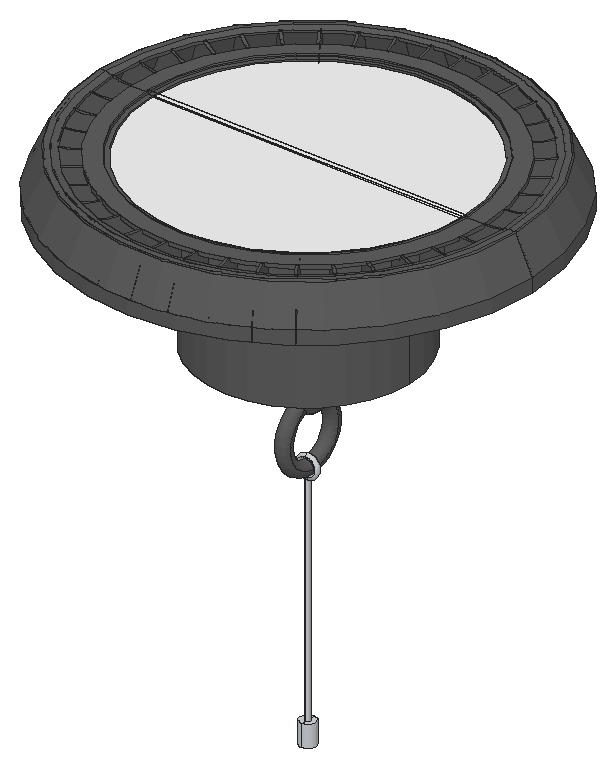
Revit family "0039363 Sylvania Lighting Fixture START HighBay IP65 DALI 19000lm 840 MB pendant", category Lighting Fixtures, host Face, Revit 2017
Family settings
  Host = Face
  Round Connector Dimension = Use Diameter
  Part Type = Normal
  OmniClass Number = 23.80.70.00
  OmniClass Title = Lighting
  Cut with Voids When Loaded = No
  Light Source = Yes
  Shared = No
  Room Calculation Point = No
Parameters (values of type "0039363 START HighBay IP65 DALI 19000lm 840 MB")
  WidthStraight_FEILO = if(SizeS_FEILO, 3 mm, if(SizeM_FEILO, 4 mm, 4.7 mm))  # 4 mm
  WidthRingChamfer_FEILO = if(SizeS_FEILO, 10.3 mm, if(SizeM_FEILO, 11.2 mm, 12.9 mm))  # 11.2 mm
  WidthCurved_FEILO = if(SizeS_FEILO, 17.4 mm, if(SizeM_FEILO, 16.4 mm, 26.2 mm))  # 16.4 mm
  WidthCurvedRing_FEILO = if(SizeS_FEILO, 3 mm, if(SizeM_FEILO, 4 mm, 4.7 mm))  # 4 mm
  WidthBracket_FEILO = 40 mm
  Weight = "3.4 kg"
  Wattage Comments = ""
  Wattage = 150 W
  WarrantyStartDate [instance] = "n/a"
  WarrantyGuarantorParts = "n/a"
  WarrantyDurationUnit = "n/a"
  WarrantyDurationParts = "n/a"
  WarrantyDescription = "n/a"
  built-in parameter 1150110 = 1 (stored number, unit not read)
  Voltage = 0 V
  VisibilityBracket_FEILO = no
  URL = "http://www.sylvania-lighting.com"
  TypeName = "START HighBay IP65 DALI 19000lm 840 MB"
  Type Image = <None>
  Type Comments = "n/a"
  built-in parameter 1114217 = 1 (stored number, unit not read)
  Tilt Angle = -90.00°
  ThicknessWall_FEILO = 1.5 mm
  ThicknessBracket_FEILO = 1.5 mm
  ThicknessBracketHalf_FEILO = ThicknessBracket_FEILO / 2  # 0.75 mm
  built-in parameter 1150109 = 1 (stored number, unit not read)
  built-in parameter 1150134 = 12
  SuspensionHeight_FEILO [instance] = 350 mm
  built-in parameter 1150113 = 1 (stored number, unit not read)
  SizeS_FEILO = no
  SizeM_FEILO = yes
  SerialNumber [instance] = "n/a"
  Rib4_FEILO = if(SizeS_FEILO, 18.1 mm, if(SizeM_FEILO, 13.6 mm, 14.6 mm))  # 13.6 mm
  Rib3_FEILO = if(SizeS_FEILO, 15.3 mm, if(SizeM_FEILO, 17.6 mm, 20.2 mm))  # 17.6 mm
  Rib2_FEILO = if(SizeS_FEILO, 3.6 mm, if(SizeM_FEILO, 3.9 mm, 4.5 mm))  # 3.9 mm
  Rib1_FEILO = if(SizeS_FEILO, 15.1 mm, if(SizeM_FEILO, 16.5 mm, 19 mm))  # 16.5 mm
  RadiusDiffuser_FEILO = if(SizeS_FEILO, 95.2 mm, if(SizeM_FEILO, 105.3 mm, 120 mm))  # 105.3 mm
  RadiusArrayPost_FEILO = DriverRadius_FEILO - 6 mm  # 61.2 mm
  RHRadius3_FEILO = if(SizeS_FEILO, 6.6 mm, if(SizeM_FEILO, 7.4 mm, 8.6 mm))  # 7.4 mm
  RHRadius2_FEILO = if(SizeS_FEILO, 11 mm, if(SizeM_FEILO, 12 mm, 14 mm))  # 12 mm
  RHRadius1_FEILO = if(SizeS_FEILO, 13.6 mm, if(SizeM_FEILO, 14.9 mm, 17.7 mm))  # 14.9 mm
  RHHeight4_FEILO = if(SizeS_FEILO, 7.3 mm, if(SizeM_FEILO, 8 mm, 9.2 mm))  # 8 mm
  RHHeight3_FEILO = if(SizeS_FEILO, 3.6 mm, if(SizeM_FEILO, 3.7 mm, 4.6 mm))  # 3.7 mm
  RHHeight2_FEILO = if(SizeS_FEILO, 2 mm, if(SizeM_FEILO, 2.2 mm, 2.6 mm))  # 2.2 mm
  RHHeight1_FEILO = if(SizeS_FEILO, 11.8 mm, if(SizeM_FEILO, 15.3 mm, 17.4 mm))  # 15.3 mm
  Photometric Web File = "0039363.ies"
  Material_3_FEILO = LED-Sylvania-StartHighbay-Glow
  PowerFactor = 0.95
  PowerConsumption = "150 W"
  NominalLength = 296 mm
  NominalHeight = 172 mm
  NominalDepth = 296 mm
  Name = "START HighBay IP65 DALI 19000lm 840 MB"
  ModelReference = Name  # "START HighBay IP65 DALI 19000lm 840 MB"
  ModelNumber = "0039363"
  Model = Name  # "START HighBay IP65 DALI 19000lm 840 MB"
  Material = "aluminium alloy housing, polycarbonate diffuser"
  ManufacturerName = "Feilo Sylvania"
  Manufacturer = "Feilo Sylvania"
  LuminousEfficacy = "130 lm/W"
  built-in parameter 1150105 = 1551.8 (stored number, unit not read)
  Lumens = 19500 lm
  LuminaireType = ""
  built-in parameter 1150115 = 1 (stored number, unit not read)
  LightOutputRatio = "n/a"
  built-in parameter 1150137 = (empty or 0)
  built-in parameter 1150139 = (empty or 0)
  LampsType = Lamp  # "LED"
  LampNominalLuminous = "19500 lm"
  LampMacAdamStep = "6"
  LampColourTemperature = "4000 K"
  LampColourRenderingIndex = "80"
  built-in parameter 1150112 = 1 (stored number, unit not read)
  built-in parameter 1150114 = 1 (stored number, unit not read)
  Lamp = "LED"
  Keynote = "16500"
  InstallationDate [instance] = "n/a"
  InputVoltage = "n/a"
  InputNominalFrequency = "50/60 Hz"
  built-in parameter 1150132 = (empty or 0)
  built-in parameter 1150102 = (empty or 0)
  built-in parameter 1150107 = 4000 (stored number, unit not read)
  built-in parameter 1150138 = (empty or 0)
  IngressProtection = "IP65"
  ImpactProtectionIndex = "IK08"
  built-in parameter 1150106 = 15.518 (stored number, unit not read)
  IfcExportType = "IfcLightFixtureType"
  IfcExportAs = "IfcLightFixtureType"
  HeightRing_FEILO = if(SizeS_FEILO, 19.8 mm, if(SizeM_FEILO, 32 mm, 36.8 mm))  # 32 mm
  HeightRingChamfer_FEILO = if(SizeS_FEILO, 11.7 mm, if(SizeM_FEILO, 23.2 mm, 26.6 mm))  # 23.2 mm
  EyeThickness_FEILO = if(SizeS_FEILO, 8.4 mm, if(SizeM_FEILO, 9.2 mm, 10.5 mm))  # 9.2 mm
  EyeThicknessHalf_FEILO = EyeThickness_FEILO / 2  # 4.6 mm
  EyeInner_FEILO = if(SizeS_FEILO, 13.8 mm, if(SizeM_FEILO, 15.1 mm, 17.3 mm))  # 15.1 mm
  ExpectedLife = 50000
  Emit from Circle Diameter = RadiusDiffuser_FEILO * 2  # 210.6 mm
  Emit Shape Visible in Rendering = no
  ElectricShockClassification = "Class I"
  built-in parameter 1150104 = 12.077 (stored number, unit not read)
  DurationUnit = "hours"
  DriverVerticalStraight_FEILO = if(SizeS_FEILO, 46.5 mm, if(SizeM_FEILO, 49.7 mm, 57 mm))  # 49.7 mm
  DriverVerticalChamfer_FEILO = if(SizeS_FEILO, 7.5 mm, if(SizeM_FEILO, 8.2 mm, 9.5 mm))  # 8.2 mm
  DriverRadius_FEILO = if(SizeS_FEILO, 61.4 mm, if(SizeM_FEILO, 67.2 mm, 76.4 mm))  # 67.2 mm
  DriverRadiusTop_FEILO = if(SizeS_FEILO, 42 mm, if(SizeM_FEILO, 45.3 mm, 52.4 mm))  # 45.3 mm
  DriverBottom_FEILO = if(SizeS_FEILO, 56 mm, if(SizeM_FEILO, 64.5 mm, 74 mm))  # 64.5 mm
  DocumentationLiterature = "http://www.sylvania-lighting.com/product/en-int/products/0039363"
  DimmingControlOptions = "Dimmable"
  Material_2_FEILO = Diffuser-Sylvania-StartHighbay-Transparent
  Radius_FEILO = if(SizeS_FEILO, 135 mm, if(SizeM_FEILO, 148 mm, 169.5 mm))  # 148 mm
  Dimming Lamp Color Temperature Shift = <None>
  DiameterWire_FEILO = 3 mm
  DiameterWireSupport_FEILO = 10 mm
  Description = "START Highbay, includes 1 m cables, black aluminium housing, 19,500 Lm, 150 W, 130 Lm/W, 4000 K, drive current: 3300 mA, CRI 80, 60° beam angle, DALI dimmable, IP65, IK08, 50,000 hrs (L80/B50), (D x H) 296 x 172 mm."
  Default Elevation = 1219.2 mm
  CreatedOn = "5/15/2018"
  CreatedBy = ""
  Cost = 0
  Color Filter = 16777215
  built-in parameter 1114216 [instance] = (empty or 0)
  ClassificationValue = "EF_70_80"
  ClassificationName = "Uniclass2015"
  Material_1_FEILO = Body-Sylvania-StartHighbay-Black
  BarCode [instance] = "n/a"
  built-in parameter 1114218 = 1 (stored number, unit not read)
  built-in parameter 1150133 = 10 (stored number, unit not read)
  AssetType = "Fixed"
  AssetIdentifier [instance] = "n/a"
  Assembly Code = "D5020200"
  Apparent Load = 150 VA
  Material_4_FEILO = none
Reference planes
  plane 1 "Center (Front/Back)": y = 0
  plane 2: z = 0
  plane 3 "Center (Left/Right)": x = 0
  plane 4: z = 350
  plane 5: x = -148
  plane 6: x = -136.8
  plane 7: z = 326.8
  plane 8: z = 318
  plane 9: x = -132.8
  plane 10: z = 347.375
  plane 11: x = -116.4
  plane 12: x = -105.3
  plane 13: x = -128.8
  plane 14: z = 348.375
  plane 15: z = 346.375
  plane 16: x = -102.3
  plane 17: z = 345.375
  plane 18: x = -146.5
  plane 19: x = -131.5
  plane 20: z = 314.1
  plane 21: x = -113.9
  plane 22: z = 300.5
  plane 23: x = -20
  plane 24: z = 285.5
  plane 25: x = -67.2
  plane 26: z = 235.8
  plane 27: x = -45.3
  plane 28: z = 227.6
  plane 29: x = -14.9
  plane 30: z = 212.3
  plane 31: z = 210.1
  plane 32: x = -12
  plane 33: z = 206.4
  plane 34: z = 198.4
  plane 35: x = -7.4
  plane 36: z = 183.3
  plane 37: z = 168.2
  plane 38: x = 4.6
  plane 39: x = -4.6
  plane 40: z = 159
  plane 41: z = 163.6
  plane 42: x = -141.65
  plane 43: x = -145.5
  plane 44: z = 316.5
  plane 45: x = -135.3
  plane 46: z = 260.65
  plane 47: y = -20
  plane 48: y = 20
  plane 49: x = 148
  plane 50: x = 136.8
  plane 51: x = 146.5
  plane 52: x = 141.65
  plane 53: x = 145.5
  plane 54: x = 135.3
  plane 55: z = 171.2
  plane 56: y = 1.5
  plane 57: y = -1.5
  plane 58: z = 169.7
  plane 59: z = 157.5
  plane 60: z = 156
  plane 61: y = -5
  plane 62: y = 5
  plane 63: z = 14
Forms (mm)
  Revolve 1, solid, material "Body-Sylvania-StartHighbay-Black" <- "Material_1_FEILO", detail levels medium+fine
    sketch origin (0, 0, 0) x (1, 0, 0) y (0, 0, 1)
      loop
        line (-148, 318) -> (-146.5, 318) -> (-146.5, 326.457) -> (-136.402, 347.375) -> (-128.8, 347.375) -> (-128.8, 348.859)
        arc (-128.8, 348.859) -> (-130.811, 349.39) -> (-132.8, 350) r 52.543
        line (-132.8, 350) -> (-136.341, 350)
        arc (-136.341, 350) -> (-136.831, 349.825) -> (-137.099, 349.38) r 0.774
        line (-137.099, 349.38) -> (-148, 326.8) -> (-148, 318)
      axis (0, 350) -> (0, 318)
    angle from 360 to 0
  Revolve 2, solid, material "Body-Sylvania-StartHighbay-Black" <- "Material_1_FEILO", detail levels medium+fine
    sketch origin (0, 0, 0) x (1, 0, 0) y (0, 0, 1)
      loop
        line (-116.4, 345.375) -> (-105.3, 345.375) -> (-105.3, 326.8) -> (0, 326.8) -> (0, 345.375) -> (-102.3, 345.375) -> (-102.3, 346.375) -> (-105.3, 346.375) -> (-105.3, 347.375) -> (-116.4, 347.375) -> (-116.4, 345.375)
      axis (0, 347.375) -> (0, 326.8)
    angle from 360 to 0
  Revolve 3, solid, material "Diffuser-Sylvania-StartHighbay-Transparent" <- "Material_2_FEILO", detail levels medium+fine
    sketch origin (0, 0, 0) x (1, 0, 0) y (0, 0, 1)
      loop
        line (-105.3, 346.375) -> (0, 346.375) -> (0, 348.375) -> (-105.3, 348.375) -> (-105.3, 346.375)
      axis (0, 348.375) -> (0, 346.375)
    angle from 360 to 0
  Revolve 4, solid, material "Body-Sylvania-StartHighbay-Black" <- "Material_1_FEILO"
    sketch origin (0, 0, 0) x (1, 0, 0) y (0, 0, 1)
      loop
        line (-67.2, 300.5) -> (-67.2, 235.8) -> (-45.3, 227.6) -> (-14.9, 227.6) -> (-14.9, 212.3) -> (-12, 210.1) -> (-12, 206.4) -> (-7.837, 199.126)
        arc (-7.837, 199.126) -> (-7.29, 198.594) -> (-6.553, 198.4) r 1.5
        line (-6.553, 198.4) -> (0, 198.4) -> (0, 300.5) -> (-67.2, 300.5)
      axis (0, 300.5) -> (0, 198.4)
    angle from 360 to 0
  Revolve 5, solid, material "Body-Sylvania-StartHighbay-Black" <- "Material_1_FEILO"
    sketch origin (0, 0, 0) x (1, 0, 0) y (0, 0, 1)
      loop
        circle (0, 163.6) r 4.6
      axis (4.6, 183.3) -> (-4.6, 183.3)
    angle from 360 to 0
  Extrusion 6, solid, material "Body-Sylvania-StartHighbay-Black" <- "Material_1_FEILO", visible <- "VisibilityBracket_FEILO"
    sketch origin (0, 0, 0) x (1, 0, 0) y (0, 0, 1)
      loop
        line (-145.5, 318) -> (-145.5, 316.5) -> (-137.55, 316.5)
        arc (-137.55, 316.5) -> (-137.02, 316.28) -> (-136.8, 315.75) r 0.75
        line (-136.8, 315.75) -> (-136.8, 260.65) -> (-135.3, 260.65) -> (-135.3, 316.5)
        arc (-135.3, 316.5) -> (-135.739, 317.561) -> (-136.8, 318) r 1.5
        line (-136.8, 318) -> (-145.5, 318)
      loop
        line (145.5, 318) -> (136.8, 318)
        arc (136.8, 318) -> (135.739, 317.561) -> (135.3, 316.5) r 1.5
        line (135.3, 316.5) -> (135.3, 260.65) -> (136.8, 260.65) -> (136.8, 315.75)
        arc (136.8, 315.75) -> (137.02, 316.28) -> (137.55, 316.5) r 0.75
        line (137.55, 316.5) -> (145.5, 316.5) -> (145.5, 318)
    from -20 to 20
  Extrusion 7, void
    sketch origin (0, 0, 0) x (0, 1, 0) y (0, 0, 1)
      loop
        arc (-10, 260.65) -> (-17.071, 263.579) -> (-20, 270.65) r 10
        line (-20, 270.65) -> (-25, 270.65) -> (-25, 255.65) -> (-10, 255.65) -> (-10, 260.65)
      loop
        line (10, 260.65) -> (10, 255.65) -> (25, 255.65) -> (25, 270.65) -> (20, 270.65)
        arc (20, 270.65) -> (17.071, 263.579) -> (10, 260.65) r 10
    from -136.8 to 136.8
  Revolve 8, solid, material "Body-Sylvania-StartHighbay-Black" <- "Material_1_FEILO", detail levels coarse
    sketch origin (0, 0, 0) x (1, 0, 0) y (0, 0, 1)
      loop
        line (0, 350) -> (-136.8, 350) -> (-148, 326.8) -> (-148, 318) -> (-131.5, 318) -> (-131.5, 314.1) -> (-113.9, 300.5) -> (0, 300.5) -> (0, 350)
      axis (0, 350) -> (0, 300.5)
    angle from 360 to 0
  Revolve 9, solid
    sketch origin (0, 0, 0) x (0, 1, 0) y (0, 0, 1)
      loop
        circle (0, 169.7) r 1.5
      axis (1.5, 163.6) -> (-1.5, 163.6)
    angle from 360 to 0
  Revolve 10, solid
    sketch origin (0, 0, 0) x (0, 1, 0) y (0, 0, 1)
      loop
        line (0, 0) -> (0, 157.5) -> (-1.5, 157.5) -> (-1.5, 14) -> (-5, 14) -> (-5, 0) -> (0, 0)
      axis (0, 0) -> (0, 157.5)
    angle from 360 to 0
Cuts and joins
  Extrusion 7 cuts Extrusion 6
Lines and regions (mm)
  reference lines
    curve 1: line (-148, 0, 326.8) -> (-136.8, 0, 350)
    curve 2: line (-116.4, 0, 347.375) -> (0, 0, 347.375)
    curve 3: arc (-116.4, 0, 347.375) -> (-124.704, 0, 348.035) -> (-132.8, 0, 350) r 52.543
    curve 4: line (-136.8, 0, 350) -> (-132.8, 0, 350)
    curve 5: line (-136.402, 0, 347.375) -> (-146.5, 0, 326.457)
    curve 6: line (-131.5, 0, 314.1) -> (-113.9, 0, 300.5)
    curve 7: line (-12, 0, 206.4) -> (-7.4, 0, 198.4)
    curve 8: circle (0, 0, 163.6) r 4.6 normal (0, -1, 0)
Dimensions and locks
  "Radius_FEILO": plane 3 "Center (Left/Right)" to plane 5
  "WidthRingChamfer_FEILO": plane 6 to plane 5
  "WidthStraight_FEILO": plane 9 to plane 6
  "WidthCurvedRing_FEILO": plane 13 to plane 9
  locked: plane 10 to plane 15 at 1
  locked: plane 14 to plane 10 at 1
  locked: plane 4 to plane 10 at 2.625
  locked: plane 15 to plane 17 at 1
  "ThicknessWall_FEILO": plane 18 to plane 5
  "ThicknessWall_FEILO": curve 5 to curve 1
  "HeightRingChamfer_FEILO": plane 4 to plane 7
  "HeightRing_FEILO": plane 4 to plane 8
  "RadiusDiffuser_FEILO": plane 3 "Center (Left/Right)" to plane 12
  locked: plane 16 to plane 12 at 3
  "WidthCurved_FEILO": plane 11 to plane 9
  "SuspensionHeight_FEILO": plane 4 to plane 2
  "Rib1_FEILO": plane 19 to plane 5
  "Rib2_FEILO": plane 8 to plane 20
  "Rib3_FEILO": plane 21 to plane 19
  "Rib4_FEILO": plane 20 to plane 22
  locked: plane 3 "Center (Left/Right)" to plane 23 at 20
  "DriverBottom_FEILO": plane 4 to plane 24
  "DriverRadius_FEILO": plane 3 "Center (Left/Right)" to plane 25
  "DriverVerticalStraight_FEILO": plane 24 to plane 26
  "DriverRadiusTop_FEILO": plane 3 "Center (Left/Right)" to plane 27
  "DriverVerticalChamfer_FEILO": plane 26 to plane 28
  "RHRadius1_FEILO": plane 3 "Center (Left/Right)" to plane 29
  "RHHeight2_FEILO": plane 30 to plane 31
  "RHRadius2_FEILO": plane 3 "Center (Left/Right)" to plane 32
  "RHHeight3_FEILO": plane 31 to plane 33
  "RHHeight4_FEILO": plane 33 to plane 34
  "RHRadius3_FEILO": plane 3 "Center (Left/Right)" to plane 35
  "RHHeight1_FEILO": plane 28 to plane 30
  "EyeInner_FEILO": plane 34 to plane 36
  "EyeInner_FEILO": plane 36 to plane 37
  equal spacing: plane 38, plane 3 "Center (Left/Right)", plane 39
  "EyeThickness_FEILO": plane 38 to plane 39
  "EyeThickness_FEILO": plane 37 to plane 40
  equal spacing: plane 37, plane 41, plane 40
  equal spacing: plane 6, plane 42, plane 18
  "ThicknessBracket_FEILO": plane 45 to plane 6
  "ThicknessBracket_FEILO": plane 8 to plane 44
  locked: plane 43 to plane 18 at 1
  equal spacing: plane 24, plane 46, plane 26
  equal spacing: plane 47, plane 1 "Center (Front/Back)", plane 48
  "WidthBracket_FEILO": plane 47 to plane 48
  "WidthRingChamfer_FEILO": plane 50 to plane 49
  "ThicknessWall_FEILO": plane 51 to plane 49
  equal spacing: plane 50, plane 52, plane 51
  "ThicknessBracket_FEILO": plane 54 to plane 50
  locked: plane 53 to plane 51 at 1
  "Radius_FEILO": plane 49 to plane 3 "Center (Left/Right)"
  equal spacing: plane 57, imposter light, plane 56
  "DiameterWire_FEILO": plane 57 to plane 56
  "DiameterWire_FEILO": plane 37 to plane 55
  equal spacing: plane 37, plane 58, plane 55
  "DiameterWire_FEILO": plane 60 to plane 40
  equal spacing: plane 60, plane 59, plane 40
  equal spacing: plane 61, plane 1 "Center (Front/Back)", plane 62
  "DiameterWireSupport_FEILO": plane 61 to plane 62
  locked: plane 63 to plane 2 at 14
  "EyeThicknessHalf_FEILO": radius of curve 8
  "ThicknessBracket_FEILO": radius of Extrusion 6 sketch curve  (x2)
  "ThicknessBracketHalf_FEILO": radius of Extrusion 6 sketch curve  (x2)
  "DiameterWire_FEILO": diameter of Revolve 9 sketch curve
  aligned and locked: plane 2 to host face
  aligned and locked: level to host face
  aligned and locked: plane 5 to curve 1
  aligned and locked: plane 6 to curve 1
  aligned and locked: plane 7 to curve 1
  aligned and locked: plane 10 to curve 2
  aligned and locked: plane 9 to curve 3
  aligned and locked: plane 4 to curve 3
  aligned and locked: plane 11 to curve 3
  aligned and locked: plane 4 to curve 4
  aligned and locked: plane 18 to curve 5
  aligned and locked: plane 10 to curve 5
  aligned and locked: Revolve 1 sketch curve to plane 3 "Center (Left/Right)"
  aligned and locked: Revolve 1 sketch curve to curve 3
  aligned and locked: Revolve 1 sketch curve to curve 1
  aligned and locked: plane 4 to Revolve 1 sketch curve
  aligned and locked: plane 9 to Revolve 1 sketch curve
  aligned and locked: Revolve 1 sketch curve to plane 13
  aligned and locked: Revolve 1 sketch curve to plane 10
  aligned and locked: plane 13 to Revolve 1 sketch curve
  aligned and locked: plane 10 to Revolve 1 sketch curve
  aligned and locked: Revolve 1 sketch curve to plane 18
  aligned and locked: Revolve 1 sketch curve to plane 8
  aligned and locked: plane 5 to Revolve 1 sketch curve  (x2)
  aligned and locked: Revolve 2 sketch curve to plane 3 "Center (Left/Right)"
  aligned and locked: plane 11 to Revolve 2 sketch curve
  aligned and locked: Revolve 2 sketch curve to curve 2
  aligned and locked: plane 15 to Revolve 2 sketch curve
  aligned and locked: Revolve 2 sketch curve to plane 16
  aligned and locked: plane 17 to Revolve 2 sketch curve  (x2)
  aligned and locked: Revolve 2 sketch curve to plane 12
  aligned and locked: plane 7 to Revolve 2 sketch curve
  aligned and locked: Revolve 3 sketch curve to plane 3 "Center (Left/Right)"
  aligned and locked: Revolve 3 sketch curve to plane 14
  aligned and locked: plane 3 "Center (Left/Right)" to Revolve 3 sketch curve
  aligned and locked: Revolve 3 sketch curve to plane 12
  aligned and locked: plane 15 to Revolve 3 sketch curve
  aligned and locked: Revolve 1 sketch curve to curve 5
  aligned and locked: plane 22 to curve 6
  aligned and locked: plane 21 to curve 6
  aligned and locked: plane 20 to curve 6
  aligned and locked: plane 19 to curve 6
  aligned and locked: plane 33 to curve 7
  aligned and locked: plane 32 to curve 7
  aligned and locked: plane 35 to curve 7
  aligned and locked: plane 34 to curve 7
  aligned and locked: Revolve 4 sketch curve to plane 3 "Center (Left/Right)"
  aligned and locked: Revolve 4 sketch curve to plane 25
  aligned and locked: plane 27 to Revolve 4 sketch curve
  aligned and locked: plane 28 to Revolve 4 sketch curve
  aligned and locked: plane 30 to Revolve 4 sketch curve
  aligned and locked: Revolve 4 sketch curve to plane 29
  aligned and locked: plane 31 to Revolve 4 sketch curve
  aligned and locked: Revolve 4 sketch curve to curve 7
  aligned and locked: Revolve 4 sketch curve to plane 32
  aligned and locked: plane 34 to Revolve 4 sketch curve
  aligned and locked: plane 3 "Center (Left/Right)" to Revolve 4 sketch curve
  aligned and locked: plane 3 "Center (Left/Right)" to curve 8
  aligned and locked: plane 41 to curve 8
  aligned and locked: Revolve 5 sketch curve to plane 36
  aligned and locked: Revolve 5 sketch curve to curve 8
  aligned and locked: plane 43 to Extrusion 6 sketch curve  (x2)
  aligned and locked: plane 8 to Extrusion 6 sketch curve  (x3)
  aligned and locked: Extrusion 6 sketch curve to plane 45
  aligned and locked: Extrusion 6 sketch curve to plane 46  (x2)
  aligned and locked: plane 6 to Extrusion 6 sketch curve
  aligned and locked: Extrusion 6 sketch curve to plane 44  (x2)
  aligned and locked: Extrusion 6 to plane 48
  aligned and locked: plane 47 to Extrusion 6
  aligned and locked: plane 53 to Extrusion 6 sketch curve
  aligned and locked: plane 50 to Extrusion 6 sketch curve
  aligned and locked: Extrusion 6 sketch curve to plane 54
  aligned and locked: Extrusion 7 sketch curve to Extrusion 7 sketch curve
  aligned and locked: Extrusion 7 to plane 6
  aligned and locked: Extrusion 7 to Extrusion 6
  aligned and locked: Revolve 4 sketch curve to plane 22
  aligned and locked: plane 23 to nested 1
  aligned and locked: plane 1 "Center (Front/Back)" to nested 1
  aligned and locked: Revolve 8 sketch curve to plane 3 "Center (Left/Right)"
  aligned and locked: Revolve 8 sketch curve to plane 4
  aligned and locked: plane 6 to Revolve 8 sketch curve
  aligned and locked: plane 4 to Revolve 8 sketch curve
  aligned and locked: plane 7 to Revolve 8 sketch curve
  aligned and locked: Revolve 8 sketch curve to plane 5
  aligned and locked: plane 8 to Revolve 8 sketch curve  (x2)
  aligned and locked: Revolve 8 sketch curve to plane 19
  aligned and locked: plane 20 to Revolve 8 sketch curve
  aligned and locked: plane 19 to Revolve 8 sketch curve
  aligned and locked: plane 21 to Revolve 8 sketch curve
  aligned and locked: plane 22 to Revolve 8 sketch curve  (x2)
  aligned and locked: Revolve 8 sketch curve to Revolve 8 sketch curve
  aligned and locked: imposter light to plane 4
  aligned and locked: plane 3 "Center (Left/Right)" to imposter light
  aligned and locked: imposter light to plane 1 "Center (Front/Back)"
  aligned and locked: Revolve 9 sketch curve to plane 41
  aligned and locked: Revolve 10 sketch curve to plane 1 "Center (Front/Back)"
  aligned and locked: plane 1 "Center (Front/Back)" to Revolve 10 sketch curve  (x2)
  aligned and locked: host face to Revolve 10 sketch curve
  aligned and locked: plane 63 to Revolve 10 sketch curve
  aligned and locked: Revolve 10 sketch curve to plane 61
  aligned and locked: Revolve 10 sketch curve to plane 57
  aligned and locked: plane 59 to Revolve 10 sketch curve
Automatic sketch dimensions
  host sketch curve to host sketch curve = 2438.4 mm  (x2)
  curve 2 to plane 3 "Center (Left/Right)" = 0 mm
  Revolve 1 sketch curve to plane 6 = 0.299 mm
  plane 6 to Revolve 1 sketch curve = 0.459 mm
  Revolve 1 sketch curve to level = 609.6 mm
  Revolve 1 sketch curve to Revolve 1 sketch curve = 2312.223 mm
  Revolve 2 sketch curve to plane 12 = 0 mm
  Revolve 2 sketch curve to plane 3 "Center (Left/Right)" = 0 mm
  Revolve 2 sketch curve to level = 609.6 mm
  Revolve 2 sketch curve to plane 4 = 2339.058 mm
  Revolve 3 sketch curve to level = 609.6 mm
  Revolve 3 sketch curve to plane 4 = 2339.058 mm
  Revolve 5 sketch curve to plane 5 = 1080 mm
  plane 38 to Revolve 5 sketch curve = 1219.2 mm
  Extrusion 7 sketch curve to plane 47 = 0 mm
  plane 46 to Extrusion 7 sketch curve = 0 mm  (x2)
  Extrusion 7 sketch curve to plane 48 = 0 mm
  plane 47 to Extrusion 7 sketch curve = 5 mm
  plane 1 "Center (Front/Back)" to Extrusion 7 sketch curve = 10 mm
  Extrusion 7 sketch curve to Extrusion 7 sketch curve = 10 mm
  plane 46 to Extrusion 7 sketch curve = 5 mm
  Extrusion 7 sketch curve to Extrusion 7 sketch curve = 5 mm
  Extrusion 7 sketch curve to plane 48 = 5 mm
  Revolve 4 sketch curve to plane 26 = 0 mm
  Revolve 4 sketch curve to plane 35 = 0.437 mm
  plane 35 to Revolve 4 sketch curve = 0.847 mm
  Revolve 4 sketch curve to plane 34 = 0.726 mm
  plane 40 to Revolve 4 sketch curve = 590.2 mm
  Revolve 4 sketch curve to plane 4 = 2339.058 mm
  Revolve 8 sketch curve to level = 609.6 mm
  Revolve 8 sketch curve to Revolve 8 sketch curve = 2386.058 mm
  Revolve 9 sketch curve to plane 1 "Center (Front/Back)" = 0 mm
  plane 58 to Revolve 9 sketch curve = 0 mm
  plane 47 to Revolve 9 sketch curve = 2534.941 mm
  Revolve 9 sketch curve to plane 48 = 2077.409 mm
  Revolve 10 sketch curve to Revolve 10 sketch curve = 609.6 mm
  Revolve 10 sketch curve to plane 4 = 2123.807 mm
Nested families
  nested 1: "Start Highbay Rib" at (0, 0, 347.375), type "Type Name", detail levels medium+fine
    with SuspensionHeight_FEILO 2.6 mm
  nested 2: "Start Highbay Rib" at (0, 0, 347.375) x (0.9877, 0.1564, 0) z (0, 0, 1), type "Type Name", detail levels medium+fine
    with SuspensionHeight_FEILO 2.6 mm
  nested 3: "Start Highbay Rib" at (0, 0, 347.375) x (0.9511, 0.309, 0) z (0, 0, 1), type "Type Name", detail levels medium+fine
    with SuspensionHeight_FEILO 2.6 mm
  nested 4: "Start Highbay Rib" at (0, 0, 347.375) x (0.891, 0.454, 0) z (0, 0, 1), type "Type Name", detail levels medium+fine
    with SuspensionHeight_FEILO 2.6 mm
  nested 5: "Start Highbay Rib" at (0, 0, 347.375) x (0.809, 0.5878, 0) z (0, 0, 1), type "Type Name", detail levels medium+fine
    with SuspensionHeight_FEILO 2.6 mm
  nested 6: "Start Highbay Rib" at (0, 0, 347.375) x (0.7071, 0.7071, 0) z (0, 0, 1), type "Type Name", detail levels medium+fine
    with SuspensionHeight_FEILO 2.6 mm
  nested 7: "Start Highbay Rib" at (0, 0, 347.375) x (0.5878, 0.809, 0) z (0, 0, 1), type "Type Name", detail levels medium+fine
    with SuspensionHeight_FEILO 2.6 mm
  nested 8: "Start Highbay Rib" at (0, 0, 347.375) x (0.454, 0.891, 0) z (0, 0, 1), type "Type Name", detail levels medium+fine
    with SuspensionHeight_FEILO 2.6 mm
  nested 9: "Start Highbay Rib" at (0, 0, 347.375) x (0.309, 0.9511, 0) z (0, 0, 1), type "Type Name", detail levels medium+fine
    with SuspensionHeight_FEILO 2.6 mm
  nested 10: "Start Highbay Rib" at (0, 0, 347.375) x (0.1564, 0.9877, 0) z (0, 0, 1), type "Type Name", detail levels medium+fine
    with SuspensionHeight_FEILO 2.6 mm
  nested 11: "Start Highbay Rib" at (0, 0, 347.375) x (0, 1, 0) z (0, 0, 1), type "Type Name", detail levels medium+fine
    with SuspensionHeight_FEILO 2.6 mm
  nested 12: "Start Highbay Rib" at (0, 0, 347.375) x (-0.1564, 0.9877, 0) z (0, 0, 1), type "Type Name", detail levels medium+fine
    with SuspensionHeight_FEILO 2.6 mm
  nested 13: "Start Highbay Rib" at (0, 0, 347.375) x (-0.309, 0.9511, 0) z (0, 0, 1), type "Type Name", detail levels medium+fine
    with SuspensionHeight_FEILO 2.6 mm
  nested 14: "Start Highbay Rib" at (0, 0, 347.375) x (-0.454, 0.891, 0) z (0, 0, 1), type "Type Name", detail levels medium+fine
    with SuspensionHeight_FEILO 2.6 mm
  nested 15: "Start Highbay Rib" at (0, 0, 347.375) x (-0.5878, 0.809, 0) z (0, 0, 1), type "Type Name", detail levels medium+fine
    with SuspensionHeight_FEILO 2.6 mm
  nested 16: "Start Highbay Rib" at (0, 0, 347.375) x (-0.7071, 0.7071, 0) z (0, 0, 1), type "Type Name", detail levels medium+fine
    with SuspensionHeight_FEILO 2.6 mm
  nested 17: "Start Highbay Rib" at (0, 0, 347.375) x (-0.809, 0.5878, 0) z (0, 0, 1), type "Type Name", detail levels medium+fine
    with SuspensionHeight_FEILO 2.6 mm
  nested 18: "Start Highbay Rib" at (0, 0, 347.375) x (-0.891, 0.454, 0) z (0, 0, 1), type "Type Name", detail levels medium+fine
    with SuspensionHeight_FEILO 2.6 mm
  nested 19: "Start Highbay Rib" at (0, 0, 347.375) x (-0.9511, 0.309, 0) z (0, 0, 1), type "Type Name", detail levels medium+fine
    with SuspensionHeight_FEILO 2.6 mm
  nested 20: "Start Highbay Rib" at (0, 0, 347.375) x (-0.9877, 0.1564, 0) z (0, 0, 1), type "Type Name", detail levels medium+fine
    with SuspensionHeight_FEILO 2.6 mm
  nested 21: "Start Highbay Rib" at (0, 0, 347.375) x (-1, 0, 0) z (0, 0, 1), type "Type Name", detail levels medium+fine
    with SuspensionHeight_FEILO 2.6 mm
  nested 22: "Start Highbay Rib" at (0, 0, 347.375) x (-0.9877, -0.1564, 0) z (0, 0, 1), type "Type Name", detail levels medium+fine
    with SuspensionHeight_FEILO 2.6 mm
  nested 23: "Start Highbay Rib" at (0, 0, 347.375) x (-0.9511, -0.309, 0) z (0, 0, 1), type "Type Name", detail levels medium+fine
    with SuspensionHeight_FEILO 2.6 mm
  nested 24: "Start Highbay Rib" at (0, 0, 347.375) x (-0.891, -0.454, 0) z (0, 0, 1), type "Type Name", detail levels medium+fine
    with SuspensionHeight_FEILO 2.6 mm
  nested 25: "Start Highbay Rib" at (0, 0, 347.375) x (-0.809, -0.5878, 0) z (0, 0, 1), type "Type Name", detail levels medium+fine
    with SuspensionHeight_FEILO 2.6 mm
  nested 26: "Start Highbay Rib" at (0, 0, 347.375) x (-0.7071, -0.7071, 0) z (0, 0, 1), type "Type Name", detail levels medium+fine
    with SuspensionHeight_FEILO 2.6 mm
  nested 27: "Start Highbay Rib" at (0, 0, 347.375) x (-0.5878, -0.809, 0) z (0, 0, 1), type "Type Name", detail levels medium+fine
    with SuspensionHeight_FEILO 2.6 mm
  nested 28: "Start Highbay Rib" at (0, 0, 347.375) x (-0.454, -0.891, 0) z (0, 0, 1), type "Type Name", detail levels medium+fine
    with SuspensionHeight_FEILO 2.6 mm
  nested 29: "Start Highbay Rib" at (0, 0, 347.375) x (-0.309, -0.9511, 0) z (0, 0, 1), type "Type Name", detail levels medium+fine
    with SuspensionHeight_FEILO 2.6 mm
  nested 30: "Start Highbay Rib" at (0, 0, 347.375) x (-0.1564, -0.9877, 0) z (0, 0, 1), type "Type Name", detail levels medium+fine
    with SuspensionHeight_FEILO 2.6 mm
  nested 31: "Start Highbay Rib" at (0, 0, 347.375) x (0, -1, 0) z (0, 0, 1), type "Type Name", detail levels medium+fine
    with SuspensionHeight_FEILO 2.6 mm
  nested 32: "Start Highbay Rib" at (0, 0, 347.375) x (0.1564, -0.9877, 0) z (0, 0, 1), type "Type Name", detail levels medium+fine
    with SuspensionHeight_FEILO 2.6 mm
  nested 33: "Start Highbay Rib" at (0, 0, 347.375) x (0.309, -0.9511, 0) z (0, 0, 1), type "Type Name", detail levels medium+fine
    with SuspensionHeight_FEILO 2.6 mm
  nested 34: "Start Highbay Rib" at (0, 0, 347.375) x (0.454, -0.891, 0) z (0, 0, 1), type "Type Name", detail levels medium+fine
    with SuspensionHeight_FEILO 2.6 mm
  nested 35: "Start Highbay Rib" at (0, 0, 347.375) x (0.5878, -0.809, 0) z (0, 0, 1), type "Type Name", detail levels medium+fine
    with SuspensionHeight_FEILO 2.6 mm
  nested 36: "Start Highbay Rib" at (0, 0, 347.375) x (0.7071, -0.7071, 0) z (0, 0, 1), type "Type Name", detail levels medium+fine
    with SuspensionHeight_FEILO 2.6 mm
  nested 37: "Start Highbay Rib" at (0, 0, 347.375) x (0.809, -0.5878, 0) z (0, 0, 1), type "Type Name", detail levels medium+fine
    with SuspensionHeight_FEILO 2.6 mm
  nested 38: "Start Highbay Rib" at (0, 0, 347.375) x (0.891, -0.454, 0) z (0, 0, 1), type "Type Name", detail levels medium+fine
    with SuspensionHeight_FEILO 2.6 mm
  nested 39: "Start Highbay Rib" at (0, 0, 347.375) x (0.9511, -0.309, 0) z (0, 0, 1), type "Type Name", detail levels medium+fine
    with SuspensionHeight_FEILO 2.6 mm
  nested 40: "Start Highbay Rib" at (0, 0, 347.375) x (0.9877, -0.1564, 0) z (0, 0, 1), type "Type Name", detail levels medium+fine
    with SuspensionHeight_FEILO 2.6 mm
Connectors
  electrical at (0, 0, 0), driven by "Apparent Load", driven by "PowerFactor", driven by "Voltage"
    settings: index 1, voltage 0 V, apparent load 150 VA, apparent load phase1 0 VA, apparent load phase2 0 VA, apparent load phase3 0 VA, power factor 0.95, load classification "Lighting", number of poles 1, system type 30, power factor state 1, is connector primary yes, connector utility no, sub classification motor no, connector description ""
Definition of nested family "Start Highbay Rib"
  Parameters (values of type "Type Name")
    WidthStraight_FEILO = if(SizeS_FEILO, 3 mm, if(SizeM_FEILO, 4 mm, 4.7 mm))  # 3 mm
    WidthRingChamfer_FEILO = if(SizeS_FEILO, 10.3 mm, if(SizeM_FEILO, 11.2 mm, 12.9 mm))  # 10.3 mm
    WidthCurved_FEILO = if(SizeS_FEILO, 17.4 mm, if(SizeM_FEILO, 16.4 mm, 26.2 mm))  # 17.4 mm
    WidthCurvedRing_FEILO = if(SizeS_FEILO, 3 mm, if(SizeM_FEILO, 4 mm, 4.7 mm))  # 3 mm
    WidthBracket_FEILO = 40 mm
    URL = "http://www.feilosylvania.com"
    Type Image = (empty or 0)
    Type Comments = "n/a"
    ThicknessWall_FEILO = 1.5 mm
    ThicknessBracket_FEILO = 1.5 mm
    ThicknessBracketHalf_FEILO = ThicknessBracket_FEILO / 2  # 0.75 mm
    SuspensionHeight_FEILO [instance] = 2.6 mm
    SizeS_FEILO = yes
    SizeM_FEILO = no
    Rib4_FEILO = if(SizeS_FEILO, 18.1 mm, if(SizeM_FEILO, 13.6 mm, 14.6 mm))  # 18.1 mm
    Rib3_FEILO = if(SizeS_FEILO, 15.3 mm, if(SizeM_FEILO, 17.6 mm, 20.2 mm))  # 15.3 mm
    Rib2_FEILO = if(SizeS_FEILO, 3.6 mm, if(SizeM_FEILO, 3.9 mm, 4.5 mm))  # 3.6 mm
    Rib1_FEILO = if(SizeS_FEILO, 15.1 mm, if(SizeM_FEILO, 16.5 mm, 19 mm))  # 15.1 mm
    RadiusRib_FEILO = 2 mm
    RadiusDiffuser_FEILO = if(SizeS_FEILO, 95.2 mm, if(SizeM_FEILO, 105.3 mm, 120 mm))  # 95.2 mm
    RHRadius3_FEILO = if(SizeS_FEILO, 6.6 mm, if(SizeM_FEILO, 7.4 mm, 8.6 mm))  # 6.6 mm
    RHRadius2_FEILO = if(SizeS_FEILO, 11 mm, if(SizeM_FEILO, 12 mm, 14 mm))  # 11 mm
    RHRadius1_FEILO = if(SizeS_FEILO, 13.6 mm, if(SizeM_FEILO, 14.9 mm, 17.7 mm))  # 13.6 mm
    RHHeight4_FEILO = if(SizeS_FEILO, 7.3 mm, if(SizeM_FEILO, 8 mm, 9.2 mm))  # 7.3 mm
    RHHeight3_FEILO = if(SizeS_FEILO, 3.6 mm, if(SizeM_FEILO, 3.7 mm, 4.6 mm))  # 3.6 mm
    RHHeight2_FEILO = if(SizeS_FEILO, 2 mm, if(SizeM_FEILO, 2.2 mm, 2.6 mm))  # 2 mm
    RHHeight1_FEILO = if(SizeS_FEILO, 11.8 mm, if(SizeM_FEILO, 15.3 mm, 17.4 mm))  # 11.8 mm
    Material_3_FEILO = none
    Model = ""
    Manufacturer = "Feilo Sylvania"
    Keynote = "16500"
    HeightRing_FEILO = if(SizeS_FEILO, 19.8 mm, if(SizeM_FEILO, 32 mm, 36.8 mm))  # 19.8 mm
    HeightRingChamfer_FEILO = if(SizeS_FEILO, 11.7 mm, if(SizeM_FEILO, 23.2 mm, 26.6 mm))  # 11.7 mm
    EyeThickness_FEILO = if(SizeS_FEILO, 8.4 mm, if(SizeM_FEILO, 9.2 mm, 10.5 mm))  # 8.4 mm
    EyeThicknessHalf_FEILO = EyeThickness_FEILO / 2  # 4.2 mm
    EyeInner_FEILO = if(SizeS_FEILO, 13.8 mm, if(SizeM_FEILO, 15.1 mm, 17.3 mm))  # 13.8 mm
    DriverVerticalStraight_FEILO = if(SizeS_FEILO, 46.5 mm, if(SizeM_FEILO, 49.7 mm, 57 mm))  # 46.5 mm
    DriverVerticalChamfer_FEILO = if(SizeS_FEILO, 7.5 mm, if(SizeM_FEILO, 8.2 mm, 9.5 mm))  # 7.5 mm
    DriverRadius_FEILO = if(SizeS_FEILO, 61.4 mm, if(SizeM_FEILO, 67.2 mm, 76.4 mm))  # 61.4 mm
    DriverRadiusTop_FEILO = if(SizeS_FEILO, 42 mm, if(SizeM_FEILO, 45.3 mm, 52.4 mm))  # 42 mm
    DriverBottom_FEILO = if(SizeS_FEILO, 56 mm, if(SizeM_FEILO, 64.5 mm, 74 mm))  # 56 mm
    Material_2_FEILO = none
    Radius_FEILO = if(SizeS_FEILO, 135 mm, if(SizeM_FEILO, 148 mm, 169.5 mm))  # 135 mm
    Description = ""
    Default Elevation = 1219.2 mm
    Cost = 0
    Material_1_FEILO = none
    Assembly Code = "D5020200"
    Material_4_FEILO = none
  Reference planes
    plane 1 "Center (Front/Back)": y = 0
    plane 2: z = 0
    plane 3 "Center (Left/Right)": x = 0
    plane 4: z = 2.6
    plane 5: x = -135
    plane 6: x = -124.7
    plane 7: z = -9.1
    plane 8: z = -17.2
    plane 9: x = -121.7
    plane 10: z = -0.025
    plane 11: x = -104.3
    plane 12: x = -95.2
    plane 13: x = -118.7
    plane 14: z = 0.975
    plane 15: z = -1.025
    plane 16: x = -92.2
    plane 17: z = -2.025
    plane 18: x = -133.5
    plane 19: x = -119.9
    plane 20: z = -20.8
    plane 21: x = -104.6
    plane 22: z = -38.9
    plane 23: x = -20
    plane 24: z = -53.4
    plane 25: x = -61.4
    plane 26: z = -99.9
    plane 27: x = -42
    plane 28: z = -107.4
    plane 29: x = -13.6
    plane 30: z = -119.2
    plane 31: z = -121.2
    plane 32: x = -11
    plane 33: z = -124.8
    plane 34: z = -132.1
    plane 35: x = -6.6
    plane 36: z = -145.9
    plane 37: z = -159.7
    plane 38: x = 4.2
    plane 39: x = -4.2
    plane 40: z = -168.1
    plane 41: z = -163.9
    plane 42: x = -129.1
    plane 43: x = -132.5
    plane 44: z = -18.7
    plane 45: x = -123.2
    plane 46: z = -76.65
    plane 47: y = -20
    plane 48: y = 20
    plane 49: x = 135
    plane 50: x = 124.7
    plane 51: x = 133.5
    plane 52: x = 129.1
    plane 53: x = 132.5
    plane 54: x = 123.2
    plane 55: y = 0.75
    plane 56: y = -0.75
  Forms (mm)
    Extrusion 1, solid
      sketch origin (4.2, 0, 0) x (1, 0, 0) y (0, 1, 0)
        loop
          line (-1219.2, 1219.2) -> (-1219.2, -1219.2) -> (1219.2, -1219.2) -> (1219.2, 1219.2) -> (-1219.2, 1219.2)
      from 0 to -68.017
    Extrusion 2, solid, material <- "Material_1_FEILO"
      sketch origin (0, 0, 0) x (1, 0, 0) y (0, 0, 1)
        loop
          arc (-104.3, -0.025) -> (-111.555, 0.423) -> (-118.7, 1.76) r 58.981
          line (-118.7, 1.76) -> (-118.7, -0.025) -> (-125.012, -0.025) -> (-133.5, -9.666) -> (-133.5, -17.2) -> (-119.9, -17.2) -> (-119.9, -20.068)
          arc (-119.9, -20.068) -> (-119.778, -20.755) -> (-119.427, -21.359) r 2
          line (-119.427, -21.359) -> (-104.966, -38.467)
          arc (-104.966, -38.467) -> (-104.381, -38.789) -> (-103.723, -38.9) r 2
          line (-103.723, -38.9) -> (-20, -38.9) -> (-20, -9.1) -> (-95.2, -9.1) -> (-95.2, -2.025) -> (-104.3, -2.025) -> (-104.3, -0.025)
      from -0.75 to 0.75
  Lines and regions (mm)
    reference lines
      curve 1: line (-135, 0, -9.1) -> (-124.7, 0, 2.6)
      curve 2: line (-104.3, 0, -0.025) -> (0, 0, -0.025)
      curve 3: arc (-104.3, 0, -0.025) -> (-113.098, 0, 0.635) -> (-121.7, 0, 2.6) r 58.981
      curve 4: line (-124.7, 0, 2.6) -> (-121.7, 0, 2.6)
      curve 5: line (-125.012, 0, -0.025) -> (-133.5, 0, -9.666)
      curve 6: line (-119.9, 0, -20.8) -> (-104.6, 0, -38.9)
  Dimensions and locks
    "Radius_FEILO": plane 3 "Center (Left/Right)" to plane 5
    "WidthRingChamfer_FEILO": plane 6 to plane 5
    "WidthStraight_FEILO": plane 9 to plane 6
    "WidthCurvedRing_FEILO": plane 13 to plane 9
    locked: plane 10 to plane 15 at 1
    locked: plane 14 to plane 10 at 1
    locked: plane 4 to plane 10 at 2.625
    locked: plane 15 to plane 17 at 1
    "ThicknessWall_FEILO": plane 18 to plane 5
    "ThicknessWall_FEILO": curve 5 to curve 1
    "HeightRingChamfer_FEILO": plane 4 to plane 7
    "HeightRing_FEILO": plane 4 to plane 8
    "RadiusDiffuser_FEILO": plane 3 "Center (Left/Right)" to plane 12
    locked: plane 16 to plane 12 at 3
    "WidthCurved_FEILO": plane 11 to plane 9
    "SuspensionHeight_FEILO": plane 4 to plane 2
    "Rib1_FEILO": plane 19 to plane 5
    "Rib2_FEILO": plane 8 to plane 20
    "Rib3_FEILO": plane 21 to plane 19
    "Rib4_FEILO": plane 20 to plane 22
    locked: plane 3 "Center (Left/Right)" to plane 23 at 20
    "DriverBottom_FEILO": plane 4 to plane 24
    "DriverRadius_FEILO": plane 3 "Center (Left/Right)" to plane 25
    "DriverVerticalStraight_FEILO": plane 24 to plane 26
    "DriverRadiusTop_FEILO": plane 3 "Center (Left/Right)" to plane 27
    "DriverVerticalChamfer_FEILO": plane 26 to plane 28
    "RHRadius1_FEILO": plane 3 "Center (Left/Right)" to plane 29
    "RHHeight2_FEILO": plane 30 to plane 31
    "RHRadius2_FEILO": plane 3 "Center (Left/Right)" to plane 32
    "RHHeight3_FEILO": plane 31 to plane 33
    "RHHeight4_FEILO": plane 33 to plane 34
    "RHRadius3_FEILO": plane 3 "Center (Left/Right)" to plane 35
    "RHHeight1_FEILO": plane 28 to plane 30
    "EyeInner_FEILO": plane 34 to plane 36
    "EyeInner_FEILO": plane 36 to plane 37
    equal spacing: plane 38, plane 3 "Center (Left/Right)", plane 39
    "EyeThickness_FEILO": plane 38 to plane 39
    "EyeThickness_FEILO": plane 37 to plane 40
    equal spacing: plane 37, plane 41, plane 40
    equal spacing: plane 6, plane 42, plane 18
    "ThicknessBracket_FEILO": plane 45 to plane 6
    "ThicknessBracket_FEILO": plane 8 to plane 44
    locked: plane 43 to plane 18 at 1
    equal spacing: plane 24, plane 46, plane 26
    equal spacing: plane 47, plane 1 "Center (Front/Back)", plane 48
    "WidthBracket_FEILO": plane 47 to plane 48
    "WidthRingChamfer_FEILO": plane 50 to plane 49
    "ThicknessWall_FEILO": plane 51 to plane 49
    equal spacing: plane 50, plane 52, plane 51
    "ThicknessBracket_FEILO": plane 54 to plane 50
    locked: plane 53 to plane 51 at 1
    "Radius_FEILO": plane 49 to plane 3 "Center (Left/Right)"
    equal spacing: plane 56, plane 1 "Center (Front/Back)", plane 55
    "ThicknessWall_FEILO": plane 56 to plane 55
    "RadiusRib_FEILO": radius of Extrusion 2 sketch curve  (x2)
    aligned and locked: plane 2 to Extrusion 1
    aligned and locked: level to Extrusion 1
    aligned and locked: plane 5 to curve 1
    aligned and locked: plane 6 to curve 1
    aligned and locked: plane 7 to curve 1
    aligned and locked: plane 10 to curve 2
    aligned and locked: plane 9 to curve 3
    aligned and locked: plane 4 to curve 3
    aligned and locked: plane 11 to curve 3
    aligned and locked: plane 4 to curve 4
    aligned and locked: plane 18 to curve 5
    aligned and locked: plane 10 to curve 5
    aligned and locked: plane 22 to curve 6
    aligned and locked: plane 21 to curve 6
    aligned and locked: plane 20 to curve 6
    aligned and locked: plane 19 to curve 6
    aligned and locked: Extrusion 2 sketch curve to plane 23
    aligned and locked: Extrusion 2 sketch curve to plane 22
    aligned and locked: Extrusion 2 sketch curve to curve 6
    aligned and locked: plane 19 to Extrusion 2 sketch curve
    aligned and locked: Extrusion 2 sketch curve to plane 8
    aligned and locked: Extrusion 2 sketch curve to curve 5
    aligned and locked: Extrusion 2 sketch curve to curve 3
    aligned and locked: Extrusion 2 to plane 55
    aligned and locked: plane 56 to Extrusion 2
    aligned and locked: curve 6 to Extrusion 2 sketch curve
  Automatic sketch dimensions
    Extrusion 1 sketch curve to Extrusion 1 sketch curve = 2438.4 mm  (x2)
    curve 2 to plane 3 "Center (Left/Right)" = 0 mm
    Extrusion 2 sketch curve to plane 18 = 0 mm
    Extrusion 2 sketch curve to plane 10 = 0 mm
    Extrusion 2 sketch curve to plane 13 = 0 mm
    Extrusion 2 sketch curve to plane 7 = 0 mm
    Extrusion 2 sketch curve to plane 12 = 0 mm
    Extrusion 2 sketch curve to plane 17 = 0 mm
    plane 19 to Extrusion 2 sketch curve = 0.473 mm
    Extrusion 2 sketch curve to plane 21 = 0.366 mm
